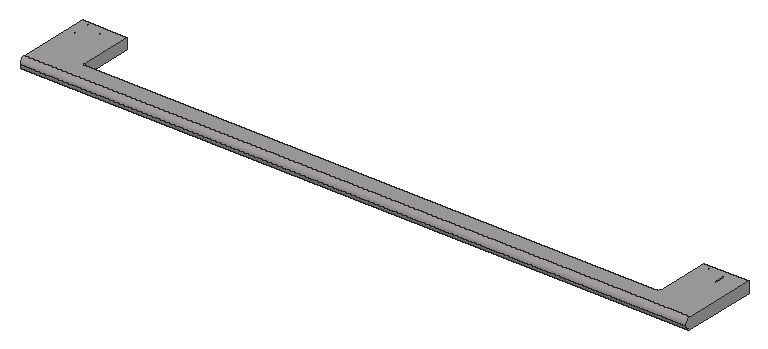
Revit family "Reece_Accessory_Milli_Meld Edit_Single Towel Rail", category Plumbing Fixtures, Revit 2018
Family settings
  Round Connector Dimension = Use Diameter
  Part Type = Normal
  Work Plane-Based = Yes
  Always vertical = Yes
  Cut with Voids When Loaded = Yes
  Shared = Yes
  Room Calculation Point = Yes
Parameters (values of type "600 mm_PVD Brushed Gunmetal")
  URL = "https://www.reece.com.au/product/-2265672"
  Type Comments = "Accessory"
  Reece_Product_Web Page = "https://www.reece.com.au/product/-2265672"
  Reece_Product_Type = "Accessory"  # constant formula
  Reece_Product_Sub Brand = "Meld Edit"  # constant formula
  Reece_Product_Number = "2265672"
  Reece_Product_Mount = "Wall Mounted"
  Reece_Product_Description = "Milli Meld Edit Single Towel Rail 600mm Brushed Gunmetal"
  Reece_Product_Brand = "Milli"  # constant formula
  Reece_Overall_Width = 600 mm
  Reece_Overall_Height = 14 mm  # constant formula
  Reece_Material_Main = Reece_PVD_Brushed Gunmetal
  Reece_Height_From_Level [instance] = 500 mm
  Reece_Detail_Shape = ""
  Reece_Detail_Installation = ""
  Reece_Detail_Disclaimer = "THIS FILE IS THE PROPERTY OF THE REECE GROUP. IT MAY NOT BE REPRODUCED, REVERSE-ENGINEERED OR MODIFIED. ANY REPUBLICATION, TRANSMISSION OR DISTRIBUTION FOR THE PURPOSE OF COMMERCIALLY EXPLOITING THE FILES IS PROHIBITED."  # constant formula
  Reece_Detail_Connector = ""
  Reece_Detail_Additional = ""
  Reece_Accessory_Projection = 70 mm  # constant formula
  Model = "Meld Edit"
  Manufacturer = "Milli"
  Keynote = "Product #2265672, Reece_Accessory_Milli_Meld Edit_Single Towel Rail - 600 mm_PVD Brushed Gunmetal"
  Disclaimer = "THIS FILE IS THE PROPERTY OF THE REECE GROUP. IT MAY NOT BE REPRODUCED, REVERSE-ENGINEERED OR MODIFIED. ANY REPUBLICATION, TRANSMISSION OR DISTRIBUTION FOR THE PURPOSE OF COMMERCIALLY EXPLOITING THE FILES IS PROHIBITED."  # constant formula
  Description = "Milli Meld Edit Single Towel Rail 600mm Brushed Gunmetal"
  Default Elevation = 0 mm
Types (16, lengths in mm): name | URL | Reece_Product_Web Page | Reece_Product_Number | Reece_Product_Description | Reece_Overall_Width | Reece_Material_Main | Keynote | Description
  (no name) | "https://www.reece.com.au/product/-2265674" | "https://www.reece.com.au/product/-2265674" | "2265674" | "Milli Meld Edit Single Towel Rail 300mm Brushed Nickel" | 300 | Reece_Brass_Brushed Nickel | "Product #2265674, Reece_Accessory_Milli_Meld Edit_Single Towel Rail -  " | "Milli Meld Edit Single Towel Rail 300mm Brushed Nickel"
  300 mm_Brushed Nickel | "https://www.reece.com.au/product/-2265674" | "https://www.reece.com.au/product/-2265674" | "2265674" | "Milli Meld Edit Single Towel Rail 300mm Brushed Nickel" | 300 | Reece_Brass_Brushed Nickel | "Product #2265674, Reece_Accessory_Milli_Meld Edit_Single Towel Rail - 300 mm_Brushed Nickel" | "Milli Meld Edit Single Towel Rail 300mm Brushed Nickel"
  300 mm_Chrome | "https://www.reece.com.au/product/-2265642" | "https://www.reece.com.au/product/-2265642" | "2265642" | "Milli Meld Edit Single Towel Rail 300mm Chrome" | 300 | Reece_Brass_Chrome | "Product #2265642, Reece_Accessory_Milli_Meld Edit_Single Towel Rail - 300 mm_Chrome" | "Milli Meld Edit Single Towel Rail 300mm Chrome"
  300 mm_Matte Black | "https://www.reece.com.au/product/-2265650" | "https://www.reece.com.au/product/-2265650" | "2265650" | "Milli Meld Edit Single Towel Rail 300mm Matte Black" | 300 | Reece_Brass_Matte Black | "Product #2265650, Reece_Accessory_Milli_Meld Edit_Single Towel Rail - 300 mm_Matte Black" | "Milli Meld Edit Single Towel Rail 300mm Matte Black"
  300 mm_PVD Brushed Gold | "https://www.reece.com.au/product/-2265658" | "https://www.reece.com.au/product/-2265658" | "2265658" | "Milli Meld Edit Single Towel Rail 300mm Brushed Gold" | 300 | Reece_PVD_Brushed Gold | "Product #2265658, Reece_Accessory_Milli_Meld Edit_Single Towel Rail - 300 mm_PVD Brushed Gold" | "Milli Meld Edit Single Towel Rail 300mm Brushed Gold"
  300 mm_PVD Brushed Gunmetal | "https://www.reece.com.au/product/-2265666" | "https://www.reece.com.au/product/-2265666" | "2265666" | "Milli Meld Edit Single Towel Rail 300mm Brushed Gunmetal" | 300 | Reece_PVD_Brushed Gunmetal | "Product #2265666, Reece_Accessory_Milli_Meld Edit_Single Towel Rail - 300 mm_PVD Brushed Gunmetal" | "Milli Meld Edit Single Towel Rail 300mm Brushed Gunmetal"
  600 mm_Brushed Nickel | "https://www.reece.com.au/product/-2265680" | "https://www.reece.com.au/product/-2265680" | "2265680" | "Milli Meld Edit Single Towel Rail 600mm Brushed Nickel" | 600 | Reece_Brass_Brushed Nickel | "Product #2265680, Reece_Accessory_Milli_Meld Edit_Single Towel Rail - 600 mm_Brushed Nickel" | "Milli Meld Edit Single Towel Rail 600mm Brushed Nickel"
  600 mm_Chrome | "https://www.reece.com.au/product/-2265648" | "https://www.reece.com.au/product/-2265648" | "2265648" | "Milli Meld Edit Single Towel Rail 600mm Chrome" | 600 | Reece_Brass_Chrome | "Product #2265648, Reece_Accessory_Milli_Meld Edit_Single Towel Rail - 600 mm_Chrome" | "Milli Meld Edit Single Towel Rail 600mm Chrome"
  600 mm_Matte Black | "https://www.reece.com.au/product/-2265656" | "https://www.reece.com.au/product/-2265656" | "2265656" | "Milli Meld Edit Single Towel Rail 600mm Matte Black" | 600 | Reece_Brass_Matte Black | "Product #2265656, Reece_Accessory_Milli_Meld Edit_Single Towel Rail - 600 mm_Matte Black" | "Milli Meld Edit Single Towel Rail 600mm Matte Black"
  600 mm_PVD Brushed Gold | "https://www.reece.com.au/product/-2265664" | "https://www.reece.com.au/product/-2265664" | "2265664" | "Milli Meld Edit Single Towel Rail 600mm Brushed Gold" | 600 | Reece_PVD_Brushed Gold | "Product #2265664, Reece_Accessory_Milli_Meld Edit_Single Towel Rail - 600 mm_PVD Brushed Gold" | "Milli Meld Edit Single Towel Rail 600mm Brushed Gold"
  600 mm_PVD Brushed Gunmetal | "https://www.reece.com.au/product/-2265672" | "https://www.reece.com.au/product/-2265672" | "2265672" | "Milli Meld Edit Single Towel Rail 600mm Brushed Gunmetal" | 600 | Reece_PVD_Brushed Gunmetal | "Product #2265672, Reece_Accessory_Milli_Meld Edit_Single Towel Rail - 600 mm_PVD Brushed Gunmetal" | "Milli Meld Edit Single Towel Rail 600mm Brushed Gunmetal"
  750 mm_Brushed Nickel | "https://www.reece.com.au/product/-2265673" | "https://www.reece.com.au/product/-2265673" | "2265673" | "Milli Meld Edit Single Towel Rail 750mm Brushed Nickel" | 750 | Reece_Brass_Brushed Nickel | "Product #2265673, Reece_Accessory_Milli_Meld Edit_Single Towel Rail - 750 mm_Brushed Nickel" | "Milli Meld Edit Single Towel Rail 750mm Brushed Nickel"
  750 mm_Chrome | "https://www.reece.com.au/product/-2265641" | "https://www.reece.com.au/product/-2265641" | "2265641" | "Milli Meld Edit Single Towel Rail 750mm Chrome" | 750 | Reece_Brass_Chrome | "Product #2265641, Reece_Accessory_Milli_Meld Edit_Single Towel Rail - 750 mm_Chrome" | "Milli Meld Edit Single Towel Rail 750mm Chrome"
  750 mm_Matte Black | "https://www.reece.com.au/product/-2265649" | "https://www.reece.com.au/product/-2265649" | "2265649" | "Milli Meld Edit Single Towel Rail 750mm Matte Black" | 750 | Reece_Brass_Matte Black | "Product #2265649, Reece_Accessory_Milli_Meld Edit_Single Towel Rail - 750 mm_Matte Black" | "Milli Meld Edit Single Towel Rail 750mm Matte Black"
  750 mm_PVD Brushed Gold | "https://www.reece.com.au/product/-2265657" | "https://www.reece.com.au/product/-2265657" | "2265657" | "Milli Meld Edit Single Towel Rail 750mm Brushed Gold" | 750 | Reece_PVD_Brushed Gold | "Product #2265657, Reece_Accessory_Milli_Meld Edit_Single Towel Rail - 750 mm_PVD Brushed Gold" | "Milli Meld Edit Single Towel Rail 750mm Brushed Gold"
  750 mm_PVD Brushed Gunmetal | "https://www.reece.com.au/product/-2265665" | "https://www.reece.com.au/product/-2265665" | "2265665" | "Milli Meld Edit Single Towel Rail 750mm Brushed Gunmetal" | 750 | Reece_PVD_Brushed Gunmetal | "Product #2265665, Reece_Accessory_Milli_Meld Edit_Single Towel Rail - 750 mm_PVD Brushed Gunmetal" | "Milli Meld Edit Single Towel Rail 750mm Brushed Gunmetal"
Reference planes
  plane 1 "Center (Front/Back)": y = 0
  plane 2 "Bottom Host Plane": z = -5
  plane 3 "Center (Left/Right)": x = 0
  plane 4: x = 300
  plane 5: x = -300
  plane 6: z = 495
  plane 7: z = 505
  plane 8 "Fixing Point": z = 500
  plane 9: x = -280
  plane 10: x = 280
  plane 11 "Bottom": z = 491
  plane 12: x = -292.5
  plane 13: x = 292.5
  plane 14: x = -267.5
  plane 15: x = 267.5
  plane 16: x = -260
  plane 17: x = 260
  plane 18: y = -70
Forms (mm)
  Extrusion 1, solid, material "Reece_PVD_Brushed Gunmetal" <- "Reece_Material_Main"
    sketch origin (0, 0, 0) x (1, 0, 0) y (0, 1, 0)
      loop
        line (-300, 0) -> (-300, -65) -> (300, -65) -> (300, 0) -> (260, 0) -> (260, -47.5)
        arc (260, -47.5) -> (259.121, -49.621) -> (257, -50.5) r 3
        line (257, -50.5) -> (-257, -50.5)
        arc (-257, -50.5) -> (-259.121, -49.621) -> (-260, -47.5) r 3
        line (-260, -47.5) -> (-260, 0) -> (-300, 0)
    from 495 to 505
  Extrusion 2, solid, material "Reece_PVD_Brushed Gunmetal" <- "Reece_Material_Main"
    sketch origin (0, 0, 363.615) x (0, 1, 0) y (0, 0, 1)
      loop
        line (-65, 131.385) -> (-65, 141.385)
        arc (-65, 141.385) -> (-68.536, 139.92) -> (-70, 136.385) r 5
        arc (-70, 136.385) -> (-68.536, 132.849) -> (-65, 131.385) r 5
    from -300 to 300
  Extrusion 3, void
    sketch origin (0, 0, 491) x (0, 1, 0) y (-1, 0, 0)
      loop
        line (-23.223, 293.523) -> (-23.223, 266.478) -> (0, 266.478) -> (0, 293.523) -> (-23.223, 293.523)
      loop
        line (-23.223, -293.523) -> (0, -293.523) -> (0, -266.478) -> (-23.223, -266.478) -> (-23.223, -293.523)
    from 0 to 13
Cuts and joins
  Extrusion 3 cuts Extrusion 1
  joined: Extrusion 1, Extrusion 2
Lines and regions (mm)
  model lines, style "InvisibleLines"
    curve 1: line (0, 0, -5) -> (0, 0, 500)
Text (mm)
  text "Reece ©" at (2666.108, -2331.38, 3019.325), in view "Reece Preview"
  text "Reece Copyright © 2018, Reece Ltd." at (-332.26, -251.445, 0), in view "Ref. Level"
Dimensions and locks
  locked: plane 2 "Bottom Host Plane" to level at 5
  "Reece_Height_From_Level": plane 8 "Fixing Point" to level
  level to plane 8 "Fixing Point" = 500 mm
  locked: plane 6 to plane 7 at 10
  locked: plane 6 to plane 8 "Fixing Point" at 5
  "Reece_Overall_Width": plane 5 to plane 4
  equal spacing: plane 5, plane 3 "Center (Left/Right)", plane 4
  locked: plane 6 to plane 11 "Bottom" at 4
  plane 17 to plane 15 to plane 10 to plane 13 to plane 4 = 7.5 mm locked, 12.5 mm locked, 12.5 mm locked, 7.5 mm locked
  plane 5 to plane 12 to plane 9 to plane 14 to plane 16 = 7.5 mm locked, 12.5 mm locked, 12.5 mm locked, 7.5 mm locked
  "Reece_Accessory_Projection": plane 1 "Center (Front/Back)" to plane 18
  plane 18 to plane 1 "Center (Front/Back)" = 70 mm
  Extrusion 3 sketch curve to plane 9 to Extrusion 3 sketch curve = 13.523 mm locked, 13.522 mm locked
  Extrusion 3 sketch curve to nested 1 to Extrusion 3 sketch curve = 13.522 mm locked, 13.523 mm locked
  plane 11 "Bottom" to plane 7 = 14 mm
  "Reece_Overall_Height": plane 11 "Bottom" to cut or joined group of Extrusion 1, Extrusion 2, Extrusion 3
  aligned and locked: plane 7 to cut or joined group of Extrusion 1, Extrusion 2, Extrusion 3
  aligned and locked: plane 6 to cut or joined group of Extrusion 1, Extrusion 2, Extrusion 3
  aligned and locked: cut or joined group of Extrusion 1, Extrusion 2, Extrusion 3 to plane 7
  aligned and locked: cut or joined group of Extrusion 1, Extrusion 2, Extrusion 3 to plane 6
  aligned and locked: plane 8 "Fixing Point" to cut or joined group of Extrusion 1, Extrusion 2, Extrusion 3
  aligned and locked: cut or joined group of Extrusion 1, Extrusion 2, Extrusion 3 to plane 5
  aligned and locked: cut or joined group of Extrusion 1, Extrusion 2, Extrusion 3 to plane 4
  aligned and locked: plane 5 to cut or joined group of Extrusion 1, Extrusion 2, Extrusion 3  (x2)
  aligned and locked: plane 4 to cut or joined group of Extrusion 1, Extrusion 2, Extrusion 3  (x2)
  aligned and locked: cut or joined group of Extrusion 1, Extrusion 2, Extrusion 3 to plane 16
  aligned and locked: cut or joined group of Extrusion 1, Extrusion 2, Extrusion 3 to plane 17
  aligned and locked: nested 2 to plane 9
  aligned and locked: plane 10 to nested 1
Automatic sketch dimensions
  curve 1 to plane 3 "Center (Left/Right)" = 0 mm
  curve 1 to plane 2 "Bottom Host Plane" = 0 mm
  curve 1 to plane 8 "Fixing Point" = 0 mm
  Extrusion 1 sketch curve to plane 5 = 0 mm
  plane 1 "Center (Front/Back)" to Extrusion 1 sketch curve = 0 mm  (x2)
  Extrusion 1 sketch curve to plane 4 = 0 mm
  Extrusion 1 sketch curve to plane 9 = 20 mm
  Extrusion 1 sketch curve to Extrusion 1 sketch curve = 3 mm
  Extrusion 1 sketch curve to plane 10 = 23 mm
  Extrusion 1 sketch curve to plane 10 = 20 mm
  plane 1 "Center (Front/Back)" to Extrusion 1 sketch curve = 47.5 mm
  Extrusion 1 sketch curve to Extrusion 1 sketch curve = 17.5 mm
  Extrusion 2 sketch curve to Extrusion 2 sketch curve = 0 mm  (x2)
  plane 8 "Fixing Point" to Extrusion 2 sketch curve = 0 mm
  Extrusion 2 sketch curve to plane 7 = 0 mm
  plane 1 "Center (Front/Back)" to Extrusion 2 sketch curve = 65 mm
  plane 1 "Center (Front/Back)" to Extrusion 3 sketch curve = 0 mm  (x2)
  plane 1 "Center (Front/Back)" to Extrusion 3 sketch curve = 23.223 mm  (x2)
Nested families
  nested 1: "Rail_Fixing_Nested" at (280, 0, 491), Reece_Material_Main <- "Reece_Material_Main", type "Rail_Fixing_Nested"
    with Reece_Material_Main Reece_PVD_Brushed Gunmetal
  nested 2: "Rail_Fixing_Nested" at (-280, 0, 491) x (-1, 0, 0) z (0, 0, 1), Reece_Material_Main <- "Reece_Material_Main", type "Rail_Fixing_Nested"
    with Reece_Material_Main Reece_PVD_Brushed Gunmetal
Definition of nested family "Rail_Fixing_Nested"
  Parameters (values of type "Rail_Fixing_Nested")
    Reece_Material_Main [instance] = none
    Default Elevation = 0 mm
  Reference planes
    plane 1 "Center (Front/Back)": y = 0
    plane 2: z = 0
    plane 3 "Center (Left/Right)": x = 0
  Forms (mm)
    Extrusion 1, solid, material <- "Reece_Material_Main"
      sketch origin (-279.848, 0, -991) x (1, 0, 0) y (0, 0, 1)
        loop
          line (267.326, 1001.483) -> (267.326, 993.89) -> (269.924, 991.293)
          arc (269.924, 991.293) -> (270.248, 991.076) -> (270.631, 991) r 1
          line (270.631, 991) -> (289.065, 991)
          arc (289.065, 991) -> (289.449, 991.077) -> (289.776, 991.295) r 1.006
          line (289.776, 991.295) -> (292.372, 993.89) -> (292.372, 1001.483)
          arc (292.372, 1001.483) -> (291.962, 1002.473) -> (290.972, 1002.883) r 1.4
          line (290.972, 1002.883) -> (268.726, 1002.883)
          arc (268.726, 1002.883) -> (267.736, 1002.473) -> (267.326, 1001.483) r 1.4
        loop
          line (278.382, 996.183) -> (281.315, 996.183)
          arc (281.315, 996.183) -> (283.518, 998.387) -> (281.315, 1000.59) r 2.203
          line (281.315, 1000.59) -> (278.382, 1000.59)
          arc (278.382, 1000.59) -> (276.179, 998.387) -> (278.382, 996.183) r 2.203
      from 0 to 22.223
    Extrusion 2, void
      sketch origin (-279.848, 0, -991) x (1, 0, 0) y (0, 1, 0)
        loop
          circle (279.982, -10) r 4.4
        loop
          circle (279.982, -10) r 1.5
        loop
          circle (279.982, -10) r 4
      from 991 to 993.882
  Cuts and joins
    Extrusion 2 cuts Extrusion 1
  Dimensions and locks
    Extrusion 1 sketch curve to Extrusion 1 sketch curve = 11.883 mm
    aligned and locked: level to plane 2
